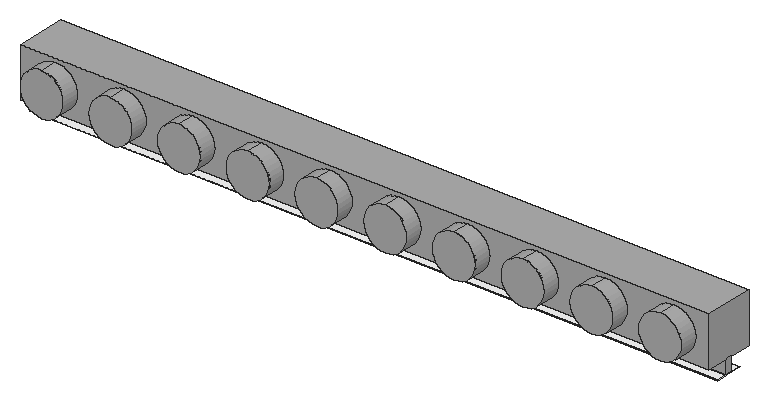
Revit family "Блэклайн с адаптером (2-10 Подключений) Приток", category Арматура воздуховодов, Revit 2022
Family settings
  Размер круглого соединителя = Использовать диаметр
  Тип детали = Вставляется
  На основе рабочей плоскости = Нет
  Всегда вертикально = Да
  При загрузке вырезать с полостями = Нет
  Общий = Нет
Parameters (values of type "Блэклайн с адаптером")
  Ширина щели решетки [instance] = 20 mm
  УГО приток = yes
  УГО вытяжка = no
  Скорость воздуха [instance] = ADSK_Расход воздуха / Площадь сечения решетки  # 0.0 m/s
  Площадь сечения решетки [instance] = Длина решетки * Ширина щели решетки  # 0.04 m²
  Патрубок_Расход [instance] = ADSK_Расход воздуха / Патрубки_Количество  # 0 m³/h
  Патрубки_Шаг [instance] = ADSK_Размер_Длина / Патрубки_Количество  # 200 mm
  Патрубки_Сверху [instance] = no
  Патрубки_Отступ [instance] = Патрубки_Шаг / 2  # 100 mm
  Патрубки_Количество [instance] = 10
  Отступ губ [instance] = if(Г_обр адаптер, 0 mm, (ADSK_Размер_Ширина - Ширина щели решетки) / 2)  # 62.5 mm
  Отметка по умолчанию = 0 mm
  Наименование решетки [instance] = "Вентиляционная решетка SCHIBERG БЛЭКЛАЙН"  # constant formula
  Метка [instance] = ""
  Материал КСД = ADSK_Сталь оцинкованная
  Марка решетки [instance] = size_lookup("Блэклайн", "M", "НЕ НАЙДЕН ТИПОРАЗМЕР", ADSK_Размер_Длина, Ширина щели решетки)  # "2000-20"
  Количество патрубков [instance] = if(Патрубки_Количество < 2, 2, Патрубки_Количество)  # 10
  КСД_Угол [instance] = if(Патрубки_Сверху, 100.00°, 10.00°)  # 10.00°
  Патрубки_Длина = 50 mm
  КСД_Отступ [instance] = if(Патрубки_Сверху, 0.5 * ADSK_Размер_Высота, ADSK_Размер_Ширина / 2)  # 72.5 mm
  Патрубки_Диаметр [instance] = 125 mm
  Длина решетки [instance] = 2000 mm
  Г_обр адаптер [instance] = no
  H [instance] = Высота губ + 2 mm  # 42 mm
  Высота губ [instance] = 40 mm
  ADSK_Расход воздуха [instance] = 0 m³/h
  ADSK_Размер_Ширина [instance] = if(Патрубки_Диаметр = 75 mm, Патрубки_Диаметр + 25 mm, if(Патрубки_Диаметр = 90 mm, Патрубки_Диаметр + 30 mm, Патрубки_Диаметр + 20 mm))  # 145 mm
  ADSK_Размер_Длина [instance] = Длина решетки  # 2000 mm
  ADSK_Размер_Высота [instance] = if(Патрубки_Диаметр = 75 mm, Патрубки_Диаметр + 25 mm, if(Патрубки_Диаметр = 90 mm, Патрубки_Диаметр + 30 mm, Патрубки_Диаметр + 20 mm))  # 145 mm
  ADSK_Примечание [instance] = if(Высота губ = 40 mm, "", "Не типовая высота губ")  # ""
  ADSK_Потеря давления воздуха [instance] = 0.0 Pa
  ADSK_Позиция_Сортировка [instance] = 0
  ADSK_Позиция_Комплект [instance] = 0
  ADSK_Наименование краткое = "Адаптер с решеткой SCHIBERG"  # constant formula
  ADSK_Наименование [instance] = if(Г_обр адаптер, "Адаптер Г-образный под решетку SCHIBERG", "Адаптер Т-образный под решетку SCHIBERG")  # "Адаптер Т-образный под решетку SCHIBERG"
  ADSK_Материал = RGB_RAL 9003 (Белый сигнальный)
  ADSK_Марка [instance] = size_lookup("КСД для щелевых", "", "НЕ НАЙДЕН ТИПОРАЗМЕР", ADSK_Размер_Длина, Ширина щели решетки, Количество патрубков, Патрубки_Диаметр, КСД_Угол)  # "2000х20 (сверху 10х125)"
  ADSK_Количество = 1  # constant formula
  ADSK_Код изделия = ""
  ADSK_Завод-изготовитель = "SCHIBERG"  # constant formula
  ADSK_Единица измерения = "шт."  # constant formula
  ADSK_Группирование [instance] = ""
  75+ [instance] = not([75])  # yes
  75 [instance] = or(Патрубки_Диаметр = 75 mm, Патрубки_Диаметр = 90 mm)  # no
Reference planes
  plane 1 "По центру (Вперед/Назад)": y = 0
  plane 2: z = 0
  plane 3 "По центру (Влево/Вправо)": x = 0
  plane 4: z = 42
  plane 5: y = 10
  plane 6: y = -10
  plane 7: x = -1000
  plane 8: x = 1000
  plane 9: z = 187
  plane 10: y = -72.5
  plane 11 "Патрубки": z = 114.5
  plane 12: x = -900
  plane 13: x = -700
  plane 14: y = 72.5
  plane 15: y = 0
Forms (mm)
  Extrusion 1, solid, material "ADSK_Сталь оцинкованная" <- "Материал КСД", detail levels medium+fine
    sketch origin (0, 0, 0) x (0, 1, 0) y (0, 0, 1)
      loop
        line (10, 42) -> (-10, 42) -> (-10, 1) -> (10, 1) -> (10, 42)
    from -1000 to 1000
  Extrusion 2, solid, material "ADSK_Сталь оцинкованная" <- "Материал КСД", detail levels medium+fine
    sketch origin (0, 0, 0) x (0, 1, 0) y (0, 0, 1)
      loop
        line (72.5, 187) -> (-72.5, 187) -> (-72.5, 42) -> (72.5, 42) -> (72.5, 187)
    from -1000 to 1000
Lines and regions (mm)
  symbolic lines, detail levels coarse+medium
    curve 1: line (-1000, 68.5, 0) -> (1000, 68.5, 0)
    curve 2: line (-1000, -72.5, 0) -> (-1000, 68.5, 0)
    curve 3: line (1000, -72.5, 0) -> (-1000, -72.5, 0)
    curve 4: line (1000, 68.5, 0) -> (1000, -72.5, 0)
  model lines, visible <- "УГО приток"
    curve 5: line (-200, 0, -69.985) -> (200, 0, -69.985)
    curve 6: line (-200, 0, -69.985) -> (0, 0, -185.455)
    curve 7: line (0, 0, -185.455) -> (200, 0, -69.985)
  model lines, visible <- "УГО вытяжка"
    curve 8: line (-200, 0, -185.455) -> (200, 0, -185.455)
    curve 9: line (0, 0, -69.985) -> (200, 0, -185.455)
    curve 10: line (0, 0, -69.985) -> (-200, 0, -185.455)
Dimensions and locks
  "H": plane 4 to level
  "Ширина щели решетки": plane 5 to plane 6
  equal spacing: plane 7, plane 3 "По центру (Влево/Вправо)", plane 8
  "ADSK_Размер_Длина": plane 7 to plane 8
  "ADSK_Размер_Высота": plane 9 to plane 4
  equal spacing: plane 9, plane 11 "Патрубки", plane 4
  "Патрубки_Отступ": plane 7 to plane 12
  "Патрубки_Шаг": plane 12 to plane 13
  equal spacing: group 1, group 2, group 3, group 4, group 5, group 6, group 7, group 8, group 9, group 10  (x2)
  equal spacing: group 10, group 9, group 8, group 7, group 6, group 5, group 4, group 3, group 2, group 1
  "ADSK_Размер_Ширина": plane 14 to plane 10
  equal spacing: curve 5, plane 3 "По центру (Влево/Вправо)", curve 5
  locked: curve 5 to curve 5 at 400
  equal spacing: plane 14, plane 1 "По центру (Вперед/Назад)", plane 10
  "Отступ губ": plane 14 to plane 5
  equal spacing: plane 5, plane 15, plane 6
  locked: plane 2 to curve 5 at 69.985
  locked: level to curve 8 at 185.455
  equal spacing: curve 9, plane 3 "По центру (Влево/Вправо)", curve 10
  locked: curve 5 to curve 7 (angle 30.00°)
  locked: curve 6 to curve 5 (angle 30.00°)
  locked: curve 8 to curve 10 (angle 30.00°)
  locked: curve 9 to curve 8 (angle 30.00°)
  aligned and locked: level to plane 2
  aligned and locked: plane 4 to Extrusion 1 sketch curve
  aligned and locked: Extrusion 1 sketch curve to plane 5
  aligned and locked: Extrusion 1 sketch curve to plane 6
  aligned and locked: Extrusion 1 to plane 7
  aligned and locked: plane 8 to Extrusion 1
  aligned and locked: plane 10 to Extrusion 2 sketch curve
  aligned and locked: Extrusion 2 sketch curve to plane 9
  aligned and locked: Extrusion 2 sketch curve to plane 4
  aligned and locked: plane 8 to Extrusion 2
  aligned and locked: Extrusion 2 to plane 7
  aligned and locked: nested 1 to plane 11 "Патрубки"
  aligned and locked: nested 1 to plane 12
  aligned and locked: nested 2 to plane 13
  aligned and locked: plane 11 "Патрубки" to nested 2
  aligned and locked: plane 7 to curve 2
  aligned and locked: curve 4 to plane 8
  aligned and locked: plane 10 to curve 3
  aligned and locked: plane 3 "По центру (Влево/Вправо)" to nested 11
  aligned and locked: nested 11 to level
  aligned and locked: Extrusion 2 to plane 14
  aligned and locked: plane 1 "По центру (Вперед/Назад)" to nested 1
  aligned and locked: plane 1 "По центру (Вперед/Назад)" to nested 10
  aligned and locked: plane 1 "По центру (Вперед/Назад)" to nested 9
  aligned and locked: plane 1 "По центру (Вперед/Назад)" to nested 8
  aligned and locked: plane 1 "По центру (Вперед/Назад)" to nested 7
  aligned and locked: plane 1 "По центру (Вперед/Назад)" to nested 6
  aligned and locked: plane 1 "По центру (Вперед/Назад)" to nested 5
  aligned and locked: plane 1 "По центру (Вперед/Назад)" to nested 4
  aligned and locked: plane 1 "По центру (Вперед/Назад)" to nested 3
  aligned and locked: plane 1 "По центру (Вперед/Назад)" to nested 2
  aligned and locked: nested 11 to plane 15
Automatic sketch dimensions
  curve 1 to plane 5 = 58.5 mm
  Extrusion 1 sketch curve to plane 6 = 0 mm
  Extrusion 2 sketch curve to plane 5 = 62.5 mm
  level to Extrusion 1 sketch curve = 1 mm
Nested families
  nested 1: "Патрубки" at (-900, 0, 114.5) x (0, -1, 0) z (0, 0, 1), ADSK_Материал <- "Материал КСД", D <- "Патрубки_Диаметр", L <- "Патрубки_Длина", S <- "КСД_Отступ", Угол <- "КСД_Угол", Видимость 1 <- "75+", Видимость 2 <- "75", type "Патрубки"
    with Угол 10.00°, Видимость 2 no, Видимость 1 yes, S 72.5 mm, L 50 mm, D 125 mm, ADSK_Материал ADSK_Сталь оцинкованная, ADSK_Количество 1
  nested 2: "Патрубки" at (-700, 0, 114.5) x (0, -1, 0) z (0, 0, 1), ADSK_Материал <- "Материал КСД", D <- "Патрубки_Диаметр", L <- "Патрубки_Длина", S <- "КСД_Отступ", Угол <- "КСД_Угол", Видимость 1 <- "75+", Видимость 2 <- "75", type "Патрубки"
    with Угол 10.00°, Видимость 2 no, Видимость 1 yes, S 72.5 mm, L 50 mm, D 125 mm, ADSK_Материал ADSK_Сталь оцинкованная, ADSK_Количество 1
  nested 3: "Патрубки" at (-500, 0, 114.5) x (0, -1, 0) z (0, 0, 1), ADSK_Материал <- "Материал КСД", D <- "Патрубки_Диаметр", L <- "Патрубки_Длина", S <- "КСД_Отступ", Угол <- "КСД_Угол", Видимость 1 <- "75+", Видимость 2 <- "75", type "Патрубки"
    with Угол 10.00°, Видимость 2 no, Видимость 1 yes, S 72.5 mm, L 50 mm, D 125 mm, ADSK_Материал ADSK_Сталь оцинкованная, ADSK_Количество 1
  nested 4: "Патрубки" at (-300, 0, 114.5) x (0, -1, 0) z (0, 0, 1), ADSK_Материал <- "Материал КСД", D <- "Патрубки_Диаметр", L <- "Патрубки_Длина", S <- "КСД_Отступ", Угол <- "КСД_Угол", Видимость 1 <- "75+", Видимость 2 <- "75", type "Патрубки"
    with Угол 10.00°, Видимость 2 no, Видимость 1 yes, S 72.5 mm, L 50 mm, D 125 mm, ADSK_Материал ADSK_Сталь оцинкованная, ADSK_Количество 1
  nested 5: "Патрубки" at (-100, 0, 114.5) x (0, -1, 0) z (0, 0, 1), ADSK_Материал <- "Материал КСД", D <- "Патрубки_Диаметр", L <- "Патрубки_Длина", S <- "КСД_Отступ", Угол <- "КСД_Угол", Видимость 1 <- "75+", Видимость 2 <- "75", type "Патрубки"
    with Угол 10.00°, Видимость 2 no, Видимость 1 yes, S 72.5 mm, L 50 mm, D 125 mm, ADSK_Материал ADSK_Сталь оцинкованная, ADSK_Количество 1
  nested 6: "Патрубки" at (100, 0, 114.5) x (0, -1, 0) z (0, 0, 1), ADSK_Материал <- "Материал КСД", D <- "Патрубки_Диаметр", L <- "Патрубки_Длина", S <- "КСД_Отступ", Угол <- "КСД_Угол", Видимость 1 <- "75+", Видимость 2 <- "75", type "Патрубки"
    with Угол 10.00°, Видимость 2 no, Видимость 1 yes, S 72.5 mm, L 50 mm, D 125 mm, ADSK_Материал ADSK_Сталь оцинкованная, ADSK_Количество 1
  nested 7: "Патрубки" at (300, 0, 114.5) x (0, -1, 0) z (0, 0, 1), ADSK_Материал <- "Материал КСД", D <- "Патрубки_Диаметр", L <- "Патрубки_Длина", S <- "КСД_Отступ", Угол <- "КСД_Угол", Видимость 1 <- "75+", Видимость 2 <- "75", type "Патрубки"
    with Угол 10.00°, Видимость 2 no, Видимость 1 yes, S 72.5 mm, L 50 mm, D 125 mm, ADSK_Материал ADSK_Сталь оцинкованная, ADSK_Количество 1
  nested 8: "Патрубки" at (500, 0, 114.5) x (0, -1, 0) z (0, 0, 1), ADSK_Материал <- "Материал КСД", D <- "Патрубки_Диаметр", L <- "Патрубки_Длина", S <- "КСД_Отступ", Угол <- "КСД_Угол", Видимость 1 <- "75+", Видимость 2 <- "75", type "Патрубки"
    with Угол 10.00°, Видимость 2 no, Видимость 1 yes, S 72.5 mm, L 50 mm, D 125 mm, ADSK_Материал ADSK_Сталь оцинкованная, ADSK_Количество 1
  nested 9: "Патрубки" at (700, 0, 114.5) x (0, -1, 0) z (0, 0, 1), ADSK_Материал <- "Материал КСД", D <- "Патрубки_Диаметр", L <- "Патрубки_Длина", S <- "КСД_Отступ", Угол <- "КСД_Угол", Видимость 1 <- "75+", Видимость 2 <- "75", type "Патрубки"
    with Угол 10.00°, Видимость 2 no, Видимость 1 yes, S 72.5 mm, L 50 mm, D 125 mm, ADSK_Материал ADSK_Сталь оцинкованная, ADSK_Количество 1
  nested 10: "Патрубки" at (900, 0, 114.5) x (0, -1, 0) z (0, 0, 1), ADSK_Материал <- "Материал КСД", D <- "Патрубки_Диаметр", L <- "Патрубки_Длина", S <- "КСД_Отступ", Угол <- "КСД_Угол", Видимость 1 <- "75+", Видимость 2 <- "75", type "Патрубки"
    with Угол 10.00°, Видимость 2 no, Видимость 1 yes, S 72.5 mm, L 50 mm, D 125 mm, ADSK_Материал ADSK_Сталь оцинкованная, ADSK_Количество 1
  nested 11: "Блэклайн" at (0, 0, 0) x (1, 0, 0) z (0, -1, 0), ADSK_Размер_Длина <- "ADSK_Размер_Длина", Ширина щели <- "Ширина щели решетки", ADSK_Расход воздуха <- "ADSK_Расход воздуха", Материал решетки Блэклайн <- "ADSK_Материал", ADSK_Примечание <- "ADSK_Примечание", ADSK_Наименование <- "Наименование решетки", ADSK_Марка <- "Марка решетки", ADSK_Обозначение <- "Метка", type "Блэклайн"
    with Ширина щели 20 mm, Скорость воздуха 0.0 m/s, Материал решетки Блэклайн RGB_RAL 9003 (Белый сигнальный), Воздушный зазор 20 mm, ADSK_Расход воздуха 0 m³/h, ADSK_Размер_Длина 2000 mm, ADSK_Примечание "", ADSK_Позиция "", ADSK_Обозначение "", ADSK_Наименование "Вентиляционная решетка SCHIBERG БЛЭКЛАЙН", ADSK_Марка "2000-20", A 2000 mm
Connectors
  hvac at (-900, -122.5, 114.5), driven by "Патрубки_Диаметр", driven by "Патрубок_Расход", driven by "ADSK_Потеря давления воздуха"
    settings: on nested 1, index 1, duct flow 0 m³/h, flow factor 0, pres drop 0.0 Pa, loss coef 0, conn angle 0.00°, conn width 304.8 mm, conn height 304.8 mm, conn diameter 125 mm, duct sys type 1, conn prof type 0, flow config 1, flow direction 1, loss method 0, conn ref index -1, conn util no, is conn primary yes, conn desc ""
  hvac at (-700, -122.5, 114.5), driven by "Патрубки_Диаметр", driven by "Патрубок_Расход"
    settings: on nested 2, index 2, duct flow 0 m³/h, flow factor 0, pres drop 0.0 Pa, loss coef 0, conn angle 0.00°, conn width 304.8 mm, conn height 304.8 mm, conn diameter 125 mm, duct sys type 1, conn prof type 0, flow config 1, flow direction 1, loss method 0, conn ref index -1, conn util no, is conn primary no, conn desc ""
  hvac at (-500, -122.5, 114.5), driven by "Патрубки_Диаметр", driven by "Патрубок_Расход"
    settings: on nested 3, index 3, duct flow 0 m³/h, flow factor 0, pres drop 0.0 Pa, loss coef 0, conn angle 0.00°, conn width 304.8 mm, conn height 304.8 mm, conn diameter 125 mm, duct sys type 1, conn prof type 0, flow config 1, flow direction 1, loss method 0, conn ref index -1, conn util no, is conn primary no, conn desc ""
  hvac at (-300, -122.5, 114.5), driven by "Патрубки_Диаметр", driven by "Патрубок_Расход"
    settings: on nested 4, index 5, duct flow 0 m³/h, flow factor 0, pres drop 0.0 Pa, loss coef 0, conn angle 0.00°, conn width 304.8 mm, conn height 304.8 mm, conn diameter 125 mm, duct sys type 1, conn prof type 0, flow config 1, flow direction 1, loss method 0, conn ref index -1, conn util no, is conn primary no, conn desc ""
  hvac at (-100, -122.5, 114.5), driven by "Патрубки_Диаметр", driven by "Патрубок_Расход"
    settings: on nested 5, index 6, duct flow 0 m³/h, flow factor 0, pres drop 0.0 Pa, loss coef 0, conn angle 0.00°, conn width 304.8 mm, conn height 304.8 mm, conn diameter 125 mm, duct sys type 1, conn prof type 0, flow config 1, flow direction 1, loss method 0, conn ref index -1, conn util no, is conn primary no, conn desc ""
  hvac at (100, -122.5, 114.5), driven by "Патрубки_Диаметр", driven by "Патрубок_Расход"
    settings: on nested 6, index 7, duct flow 0 m³/h, flow factor 0, pres drop 0.0 Pa, loss coef 0, conn angle 0.00°, conn width 304.8 mm, conn height 304.8 mm, conn diameter 125 mm, duct sys type 1, conn prof type 0, flow config 1, flow direction 1, loss method 0, conn ref index -1, conn util no, is conn primary no, conn desc ""
  hvac at (300, -122.5, 114.5), driven by "Патрубки_Диаметр", driven by "Патрубок_Расход"
    settings: on nested 7, index 8, duct flow 0 m³/h, flow factor 0, pres drop 0.0 Pa, loss coef 0, conn angle 0.00°, conn width 304.8 mm, conn height 304.8 mm, conn diameter 125 mm, duct sys type 1, conn prof type 0, flow config 1, flow direction 1, loss method 0, conn ref index -1, conn util no, is conn primary no, conn desc ""
  hvac at (500, -122.5, 114.5), driven by "Патрубки_Диаметр", driven by "Патрубок_Расход"
    settings: on nested 8, index 9, duct flow 0 m³/h, flow factor 0, pres drop 0.0 Pa, loss coef 0, conn angle 0.00°, conn width 304.8 mm, conn height 304.8 mm, conn diameter 125 mm, duct sys type 1, conn prof type 0, flow config 1, flow direction 1, loss method 0, conn ref index -1, conn util no, is conn primary no, conn desc ""
  hvac at (700, -122.5, 114.5), driven by "Патрубки_Диаметр", driven by "Патрубок_Расход"
    settings: on nested 9, index 10, duct flow 0 m³/h, flow factor 0, pres drop 0.0 Pa, loss coef 0, conn angle 0.00°, conn width 304.8 mm, conn height 304.8 mm, conn diameter 125 mm, duct sys type 1, conn prof type 0, flow config 1, flow direction 1, loss method 0, conn ref index -1, conn util no, is conn primary no, conn desc ""
  hvac at (900, -122.5, 114.5), driven by "Патрубки_Диаметр", driven by "Патрубок_Расход"
    settings: on nested 10, index 11, duct flow 0 m³/h, flow factor 0, pres drop 0.0 Pa, loss coef 0, conn angle 0.00°, conn width 304.8 mm, conn height 304.8 mm, conn diameter 125 mm, duct sys type 1, conn prof type 0, flow config 1, flow direction 1, loss method 0, conn ref index -1, conn util no, is conn primary no, conn desc ""
Definition of nested family "Патрубки"
  Parameters (values of type "Патрубки")
    Угол [instance] = 30.00°
    Default Elevation = 0 mm
    Видимость 2 [instance] = no
    Видимость 1 [instance] = yes
    S [instance] = 70 mm
    L [instance] = 50 mm
    D [instance] = 100 mm
    ADSK_Наименование = "Врезка в адаптер"
    ADSK_Материал [instance] = none
    ADSK_Количество [instance] = if(Видимость 1, 1, 0)  # 1
    ADSK_Единица измерения = "шт."  # constant formula
  Reference planes
    plane 1 "По центру (Вперед/Назад)": y = 0
    plane 2: z = 0
    plane 3 "По центру (Влево/Вправо)": x = 0
  Forms (mm)
    Sweep 1, solid, material <- "ADSK_Материал", visible <- "Видимость 1"
      path in 3D
        loop
          line (65.778, 0, 23.941) -> (112.763, 0, 41.042)
      profile origin (89.271, 0, 32.492) x (-0.34202, 0, 0.939693) y (0, -1, 0)
        loop
          circle (0, 0) r 50
  Lines and regions (mm)
    reference lines
      curve 1: line (0, 0, 0) -> (14.772, 0, -2.605)
      curve 2: line (0, 0, 0) -> (65.778, 0, 23.941)
      curve 3: line (65.778, 0, 23.941) -> (112.763, 0, 41.042)
    sketch lines
      curve 4: line (65.778, 0, 23.941) -> (112.763, 0, 41.042)
    model lines, detail levels coarse
      curve 5: line (0, 0, 0) -> (65.778, 0, 23.941)
      curve 6: line (65.778, 0, 23.941) -> (112.763, 0, 41.042)
  Dimensions and locks
    "S": curve 2 to curve 2
    "L": curve 3 to curve 3
    "S": curve 5 to curve 5
    "L": curve 6 to curve 6
    "D": diameter of Sweep 1 sketch curve
    locked: curve 1 to level (angle 10.00°)
    "Угол": angle curve 1 to curve 2
    "Угол": angle curve 1 to curve 3
    "Угол": angle curve 1 to curve 5
    "Угол": angle curve 1 to curve 6
    "Угол": angle curve 1 to nested 1
    aligned and locked: level to plane 2
    aligned and locked: plane 3 "По центру (Влево/Вправо)" to curve 1
    aligned and locked: level to curve 1
    aligned and locked: plane 3 "По центру (Влево/Вправо)" to curve 2
    aligned and locked: level to curve 2
    aligned and locked: plane 3 "По центру (Влево/Вправо)" to curve 5
    aligned and locked: level to curve 5
    aligned and locked: nested 1 to Sweep 1
  Automatic sketch dimensions
    Sweep 1 sketch curve to profile plane = 0 mm
    profile plane to Sweep 1 sketch curve = 0 mm
  Nested families
    nested 1: "Фланец DN75" at (54.032, 0, 19.666) x (0, 1, 0) z (0.342, 0, -0.9397), visible <- "Видимость 2", Типоразмер <- "D", type "Default 2"
      with Типоразмер 100 mm, Длина 75 mm, Двн врезки 35 mm, r3 100 mm, r2 40 mm, r1 35 mm, D90 no, D75 no, ADSK_Техническая характеристика "Ø75", ADSK_Марка "", ADSK_Количество 1, ADSK_Код изделия "", ADSK_Единица измерения "шт."
  Definition of nested family "Фланец DN75"
    Parameters (values of type "Фланец")
      б = 3.5 mm  # constant formula
      Толщина стенки = 1 mm  # constant formula
      Типоразмер [instance] = 75 mm
      Default Elevation = 0 mm
      Длина [instance] = 75 mm  # constant formula
      Двн врезки [instance] = if(D90, 45 mm, 35 mm)  # 35 mm
      Глубина врезки = 13.5 mm  # constant formula
      r3 [instance] = 100 mm  # constant formula
      r2 [instance] = Двн врезки + 5 mm  # 40 mm
      r1 [instance] = Двн врезки  # 35 mm
      D90 [instance] = if(Типоразмер = 90 mm, 1 = 1, 1 = 0)  # no
      D75 [instance] = if(Типоразмер = 75 mm, 1 = 1, 1 = 0)  # yes
      ADSK_Техническая характеристика [instance] = if(D90, "Ø90", "Ø75")  # "Ø75"
      ADSK_Наименование = "Фланец"  # constant formula
      ADSK_Марка [instance] = ""
      ADSK_Количество [instance] = 1  # constant formula
      ADSK_Код изделия [instance] = ""
      ADSK_Завод-изготовитель = "SCHIBERG"  # constant formula
      ADSK_Единица измерения [instance] = "шт."  # constant formula
    Reference planes
      plane 1 "По центру (Вперед/Назад)": y = 0
      plane 2: z = 0
      plane 3 "По центру (Влево/Вправо)": x = 0
      plane 4: x = -35
      plane 5: x = -38.5
      plane 6: y = -75
      plane 7: y = -13.5
    Forms (mm)
      Extrusion 1, solid
        sketch origin (0, 0, 0) x (1, 0, 0) y (0, 1, 0)
          loop
            line (1.764, -7.5) -> (24.182, -7.5)
            arc (24.182, -7.5) -> (24.76, -7.26) -> (25, -6.682) r 0.818
            line (25, -6.682) -> (25, -4.498)
            arc (25, -4.498) -> (24.923, -4.111) -> (24.704, -3.783) r 1.012
            line (24.704, -3.783) -> (21.251, -0.33)
            arc (21.251, -0.33) -> (20.885, -0.086) -> (20.454, 0) r 1.127
            line (20.454, 0) -> (-14.395, 0)
            arc (-14.395, 0) -> (-14.797, -0.08) -> (-15.139, -0.308) r 1.052
            line (-15.139, -0.308) -> (-24.68, -9.849)
            arc (-24.68, -9.849) -> (-24.917, -10.204) -> (-25, -10.623) r 1.094
            line (-25, -10.623) -> (-25, -12.137) -> (-22.993, -12.137) -> (-22.993, -11.028) -> (-2.639, -11.028)
            arc (-2.639, -11.028) -> (-2.23, -10.947) -> (-1.884, -10.715) r 1.068
            line (-1.884, -10.715) -> (1.026, -7.806)
            arc (1.026, -7.806) -> (1.365, -7.58) -> (1.764, -7.5) r 1.045
        from 20 to 70
      Extrusion 2, solid
        sketch origin (0, 0, 0) x (-0.5, 0, -0.866025) y (0, 1, 0)
          loop
            line (1.764, -7.5) -> (24.182, -7.5)
            arc (24.182, -7.5) -> (24.76, -7.26) -> (25, -6.682) r 0.818
            line (25, -6.682) -> (25, -4.498)
            arc (25, -4.498) -> (24.923, -4.111) -> (24.704, -3.783) r 1.012
            line (24.704, -3.783) -> (21.251, -0.33)
            arc (21.251, -0.33) -> (20.885, -0.086) -> (20.454, 0) r 1.127
            line (20.454, 0) -> (-14.395, 0)
            arc (-14.395, 0) -> (-14.797, -0.08) -> (-15.139, -0.308) r 1.052
            line (-15.139, -0.308) -> (-24.68, -9.849)
            arc (-24.68, -9.849) -> (-24.917, -10.204) -> (-25, -10.623) r 1.094
            line (-25, -10.623) -> (-25, -12.137) -> (-22.993, -12.137) -> (-22.993, -11.028) -> (-2.639, -11.028)
            arc (-2.639, -11.028) -> (-2.23, -10.947) -> (-1.884, -10.715) r 1.068
            line (-1.884, -10.715) -> (1.026, -7.806)
            arc (1.026, -7.806) -> (1.365, -7.58) -> (1.764, -7.5) r 1.045
        from 20 to 70
      Extrusion 3, solid
        sketch origin (0, 0, 0) x (-0.5, 0, 0.866025) y (0, 1, 0)
          loop
            line (1.764, -7.5) -> (24.182, -7.5)
            arc (24.182, -7.5) -> (24.76, -7.26) -> (25, -6.682) r 0.818
            line (25, -6.682) -> (25, -4.498)
            arc (25, -4.498) -> (24.923, -4.111) -> (24.704, -3.783) r 1.012
            line (24.704, -3.783) -> (21.251, -0.33)
            arc (21.251, -0.33) -> (20.885, -0.086) -> (20.454, 0) r 1.127
            line (20.454, 0) -> (-14.395, 0)
            arc (-14.395, 0) -> (-14.797, -0.08) -> (-15.139, -0.308) r 1.052
            line (-15.139, -0.308) -> (-24.68, -9.849)
            arc (-24.68, -9.849) -> (-24.917, -10.204) -> (-25, -10.623) r 1.094
            line (-25, -10.623) -> (-25, -12.137) -> (-22.993, -12.137) -> (-22.993, -11.028) -> (-2.639, -11.028)
            arc (-2.639, -11.028) -> (-2.23, -10.947) -> (-1.884, -10.715) r 1.068
            line (-1.884, -10.715) -> (1.026, -7.806)
            arc (1.026, -7.806) -> (1.365, -7.58) -> (1.764, -7.5) r 1.045
        from 20 to 70
      Extrusion 4, void
        sketch origin (0, 0, 0) x (1, 0, 0) y (0, 0, 1)
          loop
            circle (0, 0) r 35
        from 0 to 15
      Extrusion 5, void
        sketch origin (0, 0, 0) x (1, 0, 0) y (0, 0, 1)
          loop
            circle (0, 0) r 100
          loop
            circle (0, 0) r 40
        from 0 to 13
      Revolve 6, solid
        sketch origin (0, 0, 0) x (1, 0, 0) y (0, 1, 0)
          loop
            line (-44.5, -13.5) -> (-36, -13.5) -> (-36, -12.5) -> (-39.036, -9.464) -> (-39.743, -10.172) -> (-37.414, -12.5) -> (-44.5, -12.5) -> (-44.5, -13.5)
          axis (0, -9.464) -> (0, -13.5)
        angle from 0 to 360
      Revolve 7, solid
        sketch origin (0, 0, 0) x (1, 0, 0) y (0, 1, 0)
          loop
            line (-35, 0) -> (-36, 0) -> (-36, -13.5) -> (-44.225, -13.5) -> (-44.225, -14.5) -> (-39.5, -14.5) -> (-39.5, -57.532)
            arc (-39.5, -57.532) -> (-39.675, -60.208) -> (-40.199, -62.839) r 20.506
            line (-40.199, -62.839) -> (-43.457, -75) -> (-42.422, -75) -> (-39.319, -63.42)
            arc (-39.319, -63.42) -> (-38.706, -60.336) -> (-38.5, -57.198) r 24.042
            line (-38.5, -57.198) -> (-38.5, -14.5) -> (-35, -14.5) -> (-35, 0)
          axis (0, 0) -> (0, -75)
        angle from 0 to 360
    Cuts and joins
      Extrusion 4, Extrusion 5 cuts Extrusion 1
      Extrusion 4, Extrusion 5 cuts Extrusion 2
      Extrusion 4, Extrusion 5 cuts Extrusion 3
    Dimensions and locks
      "Двн врезки": plane 4 to plane 3 "По центру (Влево/Вправо)"
      "б": plane 5 to plane 4
      "Длина": plane 6 to plane 1 "По центру (Вперед/Назад)"
      "Глубина врезки": plane 7 to plane 1 "По центру (Вперед/Назад)"
      "Толщина стенки": Revolve 7 sketch curve to plane 4
      "Толщина стенки": plane 7 to Revolve 7 sketch curve
      "Толщина стенки": Revolve 7 sketch curve to plane 5
      "Толщина стенки": Revolve 7 sketch curve to Revolve 7 sketch curve
      "Толщина стенки": Revolve 6 sketch curve to plane 7
      "Толщина стенки": Revolve 6 sketch curve to plane 4
      locked: Revolve 6 sketch curve to plane 4 at 9.5
      "Толщина стенки": Revolve 6 sketch curve to Revolve 6 sketch curve  (x2)
      locked: Revolve 6 sketch curve to Revolve 6 sketch curve at 5
      "r1": radius of Extrusion 4 sketch curve
      "r2": radius of Extrusion 5 sketch curve
      "r3": radius of Extrusion 5 sketch curve
      locked: Revolve 7 sketch curve to plane 5 (angle 15.00°)
      locked: plane 4 to Revolve 6 sketch curve (angle 45.00°)
      aligned and locked: level to plane 2
      aligned and locked: Revolve 7 sketch curve to plane 4
      aligned and locked: Revolve 7 sketch curve to plane 5
      aligned and locked: Revolve 7 sketch curve to plane 1 "По центру (Вперед/Назад)"
      aligned and locked: plane 7 to Revolve 7 sketch curve
      aligned and locked: Revolve 7 sketch curve to plane 3 "По центру (Влево/Вправо)"
      aligned and locked: Revolve 7 sketch curve to plane 6
      aligned and locked: Revolve 6 sketch curve to plane 7
      aligned and locked: plane 3 "По центру (Влево/Вправо)" to Extrusion 4 sketch curve
      aligned and locked: plane 2 to Extrusion 4 sketch curve
      aligned and locked: plane 3 "По центру (Влево/Вправо)" to Extrusion 5 sketch curve  (x2)
      aligned and locked: plane 2 to Extrusion 5 sketch curve  (x2)
    Automatic sketch dimensions
      Revolve 6 sketch curve to plane 3 "По центру (Влево/Вправо)" = 0 mm
      Revolve 6 sketch curve to plane 6 = 1925 mm
      Revolve 6 sketch curve to plane 1 "По центру (Вперед/Назад)" = 2000 mm
      Revolve 7 sketch curve to plane 5 = 1.699 mm
      Revolve 7 sketch curve to Revolve 7 sketch curve = 2.223 mm
      Revolve 7 sketch curve to Revolve 7 sketch curve = 4.725 mm
      plane 6 to Revolve 7 sketch curve = 17.468 mm
      Revolve 7 sketch curve to Revolve 7 sketch curve = 2.536 mm
      Revolve 7 sketch curve to plane 5 = 0.819 mm
      Revolve 7 sketch curve to plane 7 = 1 mm
      plane 6 to Revolve 7 sketch curve = 24.441 mm
      Revolve 7 sketch curve to plane 1 "По центру (Вперед/Назад)" = 19.441 mm
Definition of nested family "Блэклайн"
  Parameters (values of type "Блэклайн")
    Ширина щели [instance] = 20 mm
    Толщина листа = 1 mm  # constant formula
    Скорость воздуха [instance] = ADSK_Расход воздуха / (A * Воздушный зазор)  # 0.0 m/s
    Default Elevation = 0 mm
    Материал решетки Блэклайн [instance] = none
    Воздушный зазор [instance] = Ширина щели  # 20 mm
    ADSK_Расход воздуха [instance] = 0 m³/h
    ADSK_Размер_Длина [instance] = 300 mm
    ADSK_Примечание [instance] = ""
    ADSK_Позиция [instance] = ""
    ADSK_Обозначение [instance] = ""
    ADSK_Наименование [instance] = "Вентиляционная решётка SCHIBERG БЛЭКЛАЙН"
    ADSK_Марка [instance] = "300-20"
    ADSK_Количество = 1  # constant formula
    ADSK_Завод-изготовитель = "SCHIBERG"  # constant formula
    ADSK_Единица измерения = "шт."  # constant formula
    A [instance] = ADSK_Размер_Длина  # 300 mm
  Reference planes
    plane 1 "По центру (Вперед/Назад)": y = 0
    plane 2: z = 0
    plane 3 "По центру (Влево/Вправо)": x = 0
    plane 4: z = -10
    plane 5: z = 10
    plane 6: z = 40
    plane 7: z = -40
    plane 8: x = -150
    plane 9: x = 150
    plane 10: y = 1
  Forms (mm)
    Extrusion 1, solid, material <- "Материал решетки Блэклайн", detail levels medium+fine
      sketch origin (0, 0, 0) x (1, 0, 0) y (0, 0, 1)
        loop
          line (-150, 10) -> (150, 10) -> (150, 40) -> (-150, 40) -> (-150, 10)
      from 0 to -1
    Extrusion 2, solid, material <- "Материал решетки Блэклайн", detail levels medium+fine
      sketch origin (0, 0, 0) x (1, 0, 0) y (0, 0, 1)
        loop
          line (-150, -10) -> (-150, -40) -> (150, -40) -> (150, -10) -> (-150, -10)
      from 0 to -1
    Extrusion 3, solid, detail levels medium+fine
      sketch origin (0, 0, 0) x (1, 0, 0) y (0, 0, 1)
        loop
          line (-150, 10) -> (-150, -10) -> (150, -10) -> (150, 10) -> (-150, 10)
      from 0 to -1
  Lines and regions (mm)
    model lines, not visible, detail levels coarse
      curve 1: line (-52.988, -25.33, 0) -> (-98.95, -71.292, 0)
      curve 2: line (-52.988, -25.33, 0) -> (-7.026, -71.292, 0)
      curve 3: line (-98.95, -71.292, 0) -> (-7.026, -71.292, 0)
    reference lines, not visible
      curve 4: line (-52.988, -25.33, 0) -> (-52.988, -35.33, 0)
    model lines, detail levels coarse
      curve 5: line (-150, 0, 0) -> (150, 0, 0)
      curve 6: line (0, 5.6, 0) -> (0, 0, 0)
  Dimensions and locks
    equal spacing: plane 5, level, plane 4
    equal spacing: plane 6, level, plane 7
    equal spacing: plane 9, plane 3 "По центру (Влево/Вправо)", plane 8
    "A": plane 9 to plane 8
    "Воздушный зазор": plane 5 to plane 4
    locked: plane 6 to plane 5 at 30
    aligned and locked: level to plane 2
    aligned and locked: Extrusion 1 to plane 5
    aligned and locked: plane 6 to Extrusion 1
    aligned and locked: plane 9 to Extrusion 1 sketch curve
    aligned and locked: plane 6 to Extrusion 1 sketch curve
    aligned and locked: Extrusion 1 sketch curve to plane 5
    aligned and locked: Extrusion 1 sketch curve to plane 8
    aligned and locked: plane 8 to Extrusion 2 sketch curve
    aligned and locked: Extrusion 2 sketch curve to plane 4
    aligned and locked: plane 7 to Extrusion 2 sketch curve
    aligned and locked: Extrusion 2 sketch curve to plane 9
    aligned and locked: Extrusion 1 to plane 10
    aligned and locked: Extrusion 2 to plane 10
    aligned and locked: Extrusion 3 sketch curve to plane 8
    aligned and locked: plane 5 to Extrusion 3 sketch curve
    aligned and locked: Extrusion 3 sketch curve to plane 9
    aligned and locked: Extrusion 3 sketch curve to plane 4
    aligned and locked: plane 1 "По центру (Вперед/Назад)" to Extrusion 1
    aligned and locked: plane 8 to curve 5
    aligned and locked: plane 9 to curve 5
    aligned and locked: curve 5 to Extrusion 3
    aligned and locked: Extrusion 1 to curve 6
  Automatic sketch dimensions
    curve 1 to curve 2 = 45.962 mm  (x2)
    curve 4 to curve 4 = 10 mm
    curve 6 to plane 3 "По центру (Влево/Вправо)" = 0 mm
    plane 10 to curve 6 = 4.6 mm
